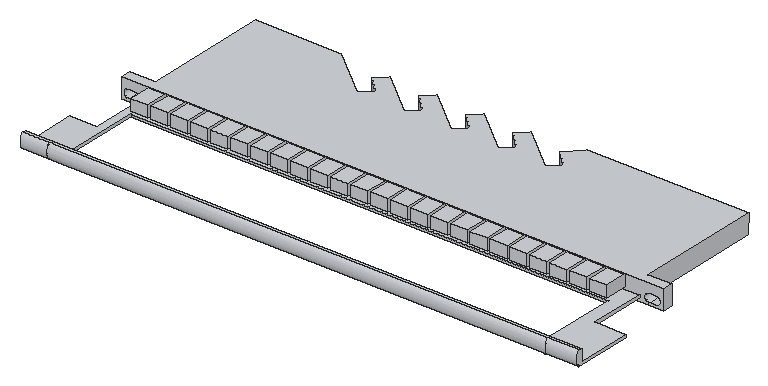
Revit family
Parameters
  Material ID = "760111013 \r\n760111013"
  Description = "3603M-48LC-LS"
Reference planes (in)
  plane 1 "Center (Front/Back)": y = 0
  plane 2: z = 0
  plane 3 "Center (Left/Right)": x = 0
Forms (in)
  Extrusion 1, solid
    sketch origin (0, 0, 0) x (1, 0, 0) y (0, 0, 1)
      loop
        line (-9.5, 0.86) -> (-9.5, 0) -> (-9.5, -0.86) -> (9.5, -0.86) -> (9.5, 0) -> (9.5, 0.86) -> (-9.5, 0.86)
    from 0 to 14.305
  Extrusion 2, void
    sketch origin (0, 0, 0) x (1, 0, 0) y (0, 0, 1)
      loop
        line (8.121, 0.86) -> (8.121, -0.86) -> (9.5, -0.86) -> (9.5, 0.86) -> (8.121, 0.86)
      loop
        line (-9.5, 0.86) -> (-9.5, -0.86) -> (-8.121, -0.86) -> (-8.121, 0.86) -> (-9.5, 0.86)
    from 0 to 13.93651
  Extrusion 3, void
    sketch origin (0, 0, 0) x (1, 0, 0) y (0, 0, 1)
      loop
        line (9.26111, 0.5628) -> (9.01111, 0.5628)
        arc (9.01111, 0.5628) -> (8.86111, 0.4128) -> (9.01111, 0.2628) r 0.15
        line (9.01111, 0.2628) -> (9.26111, 0.2628)
        arc (9.26111, 0.2628) -> (9.41111, 0.4128) -> (9.26111, 0.5628) r 0.15
      loop
        line (9.26111, 0.10167) -> (9.01111, 0.10167)
        arc (9.01111, 0.10167) -> (8.86111, -0.04833) -> (9.01111, -0.19833) r 0.15
        line (9.01111, -0.19833) -> (9.26111, -0.19833)
        arc (9.26111, -0.19833) -> (9.41111, -0.04833) -> (9.26111, 0.10167) r 0.15
      loop
        line (9.26111, -0.39833) -> (9.01111, -0.39833)
        arc (9.01111, -0.39833) -> (8.86111, -0.54833) -> (9.01111, -0.69833) r 0.15
        line (9.01111, -0.69833) -> (9.26111, -0.69833)
        arc (9.26111, -0.69833) -> (9.41111, -0.54833) -> (9.26111, -0.39833) r 0.15
      loop
        arc (-9.26111, 0.5628) -> (-9.41111, 0.4128) -> (-9.26111, 0.2628) r 0.15
        line (-9.26111, 0.2628) -> (-9.01111, 0.2628)
        arc (-9.01111, 0.2628) -> (-8.86111, 0.4128) -> (-9.01111, 0.5628) r 0.15
        line (-9.01111, 0.5628) -> (-9.26111, 0.5628)
      loop
        arc (-9.26111, 0.10167) -> (-9.41111, -0.04833) -> (-9.26111, -0.19833) r 0.15
        line (-9.26111, -0.19833) -> (-9.01111, -0.19833)
        arc (-9.01111, -0.19833) -> (-8.86111, -0.04833) -> (-9.01111, 0.10167) r 0.15
        line (-9.01111, 0.10167) -> (-9.26111, 0.10167)
      loop
        arc (-9.26111, -0.39833) -> (-9.41111, -0.54833) -> (-9.26111, -0.69833) r 0.15
        line (-9.26111, -0.69833) -> (-9.01111, -0.69833)
        arc (-9.01111, -0.69833) -> (-8.86111, -0.54833) -> (-9.01111, -0.39833) r 0.15
        line (-9.01111, -0.39833) -> (-9.26111, -0.39833)
    from 0 to 15.94904
  Extrusion 4, void
    sketch origin (0, 0, 0) x (1, 0, 0) y (0, 1, 0)
      loop
        circle (-0.49428, -8.32902) r 0.6
    from 0 to 1.66308
  Extrusion 5, solid
    sketch origin (0, 0, 0) x (1, 0, 0) y (0, 1, 0)
      loop
        line (8.66312, -13.93651) -> (8.66312, 4) -> (8.121, 4) -> (8.121, -13.93651) -> (8.66312, -13.93651)
      loop
        line (-8.116, -13.93651) -> (-8.116, 4) -> (-8.616, 4) -> (-8.616, -13.93651) -> (-8.116, -13.93651)
    from -0.86 to 0.86
  Extrusion 6, solid
    sketch origin (0, 0, 0) x (1, 0, 0) y (0, 0, 1)
      loop
        line (8.46415, 0.86) -> (-8.3892, 0.86) -> (-8.3892, -0.86) -> (8.46415, -0.86) -> (8.46415, 0.86)
    from 0 to -0.45
  Extrusion 7, solid
    sketch origin (0, -14.305, 0) x (1, 0, 0) y (0, 0, 1)
      loop
        line (-8.5516, 0.86) -> (-8.5516, 0.46) -> (-7.9516, 0.46) -> (-7.9516, 0.86) -> (-8.5516, 0.86)
    from 0 to 0.77696
  Extrusion 8, solid
    sketch origin (0.7, -14.305, 0) x (1, 0, 0) y (0, 0, 1)
      loop
        line (-8.5516, 0.86) -> (-8.5516, 0.46) -> (-7.9516, 0.46) -> (-7.9516, 0.86) -> (-8.5516, 0.86)
    from 0 to 0.77696
  Extrusion 9, solid
    sketch origin (1.4, -14.305, 0) x (1, 0, 0) y (0, 0, 1)
      loop
        line (-8.5516, 0.86) -> (-8.5516, 0.46) -> (-7.9516, 0.46) -> (-7.9516, 0.86) -> (-8.5516, 0.86)
    from 0 to 0.77696
  Extrusion 10, solid
    sketch origin (2.1, -14.305, 0) x (1, 0, 0) y (0, 0, 1)
      loop
        line (-8.5516, 0.86) -> (-8.5516, 0.46) -> (-7.9516, 0.46) -> (-7.9516, 0.86) -> (-8.5516, 0.86)
    from 0 to 0.77696
  Extrusion 11, solid
    sketch origin (2.8, -14.305, 0) x (1, 0, 0) y (0, 0, 1)
      loop
        line (-8.5516, 0.86) -> (-8.5516, 0.46) -> (-7.9516, 0.46) -> (-7.9516, 0.86) -> (-8.5516, 0.86)
    from 0 to 0.77696
  Extrusion 12, solid
    sketch origin (3.5, -14.305, 0) x (1, 0, 0) y (0, 0, 1)
      loop
        line (-8.5516, 0.86) -> (-8.5516, 0.46) -> (-7.9516, 0.46) -> (-7.9516, 0.86) -> (-8.5516, 0.86)
    from 0 to 0.77696
  Extrusion 13, solid
    sketch origin (4.2, -14.305, 0) x (1, 0, 0) y (0, 0, 1)
      loop
        line (-8.5516, 0.86) -> (-8.5516, 0.46) -> (-7.9516, 0.46) -> (-7.9516, 0.86) -> (-8.5516, 0.86)
    from 0 to 0.77696
  Extrusion 14, solid
    sketch origin (4.9, -14.305, 0) x (1, 0, 0) y (0, 0, 1)
      loop
        line (-8.5516, 0.86) -> (-8.5516, 0.46) -> (-7.9516, 0.46) -> (-7.9516, 0.86) -> (-8.5516, 0.86)
    from 0 to 0.77696
  Extrusion 15, solid
    sketch origin (5.6, -14.305, 0) x (1, 0, 0) y (0, 0, 1)
      loop
        line (-8.5516, 0.86) -> (-8.5516, 0.46) -> (-7.9516, 0.46) -> (-7.9516, 0.86) -> (-8.5516, 0.86)
    from 0 to 0.77696
  Extrusion 16, solid
    sketch origin (6.3, -14.305, 0) x (1, 0, 0) y (0, 0, 1)
      loop
        line (-8.5516, 0.86) -> (-8.5516, 0.46) -> (-7.9516, 0.46) -> (-7.9516, 0.86) -> (-8.5516, 0.86)
    from 0 to 0.77696
  Extrusion 17, solid
    sketch origin (7, -14.305, 0) x (1, 0, 0) y (0, 0, 1)
      loop
        line (-8.5516, 0.86) -> (-8.5516, 0.46) -> (-7.9516, 0.46) -> (-7.9516, 0.86) -> (-8.5516, 0.86)
    from 0 to 0.77696
  Extrusion 18, solid
    sketch origin (7.7, -14.305, 0) x (1, 0, 0) y (0, 0, 1)
      loop
        line (-8.5516, 0.86) -> (-8.5516, 0.46) -> (-7.9516, 0.46) -> (-7.9516, 0.86) -> (-8.5516, 0.86)
    from 0 to 0.77696
  Extrusion 19, solid
    sketch origin (8.4, -14.305, 0) x (1, 0, 0) y (0, 0, 1)
      loop
        line (-8.5516, 0.86) -> (-8.5516, 0.46) -> (-7.9516, 0.46) -> (-7.9516, 0.86) -> (-8.5516, 0.86)
    from 0 to 0.77696
  Extrusion 20, solid
    sketch origin (9.1, -14.305, 0) x (1, 0, 0) y (0, 0, 1)
      loop
        line (-8.5516, 0.86) -> (-8.5516, 0.46) -> (-7.9516, 0.46) -> (-7.9516, 0.86) -> (-8.5516, 0.86)
    from 0 to 0.77696
  Extrusion 21, solid
    sketch origin (9.8, -14.305, 0) x (1, 0, 0) y (0, 0, 1)
      loop
        line (-8.5516, 0.86) -> (-8.5516, 0.46) -> (-7.9516, 0.46) -> (-7.9516, 0.86) -> (-8.5516, 0.86)
    from 0 to 0.77696
  Extrusion 22, solid
    sketch origin (10.5, -14.305, 0) x (1, 0, 0) y (0, 0, 1)
      loop
        line (-8.5516, 0.86) -> (-8.5516, 0.46) -> (-7.9516, 0.46) -> (-7.9516, 0.86) -> (-8.5516, 0.86)
    from 0 to 0.77696
  Extrusion 23, solid
    sketch origin (11.2, -14.305, 0) x (1, 0, 0) y (0, 0, 1)
      loop
        line (-8.5516, 0.86) -> (-8.5516, 0.46) -> (-7.9516, 0.46) -> (-7.9516, 0.86) -> (-8.5516, 0.86)
    from 0 to 0.77696
  Extrusion 24, solid
    sketch origin (11.9, -14.305, 0) x (1, 0, 0) y (0, 0, 1)
      loop
        line (-8.5516, 0.86) -> (-8.5516, 0.46) -> (-7.9516, 0.46) -> (-7.9516, 0.86) -> (-8.5516, 0.86)
    from 0 to 0.77696
  Extrusion 25, solid
    sketch origin (12.6, -14.305, 0) x (1, 0, 0) y (0, 0, 1)
      loop
        line (-8.5516, 0.86) -> (-8.5516, 0.46) -> (-7.9516, 0.46) -> (-7.9516, 0.86) -> (-8.5516, 0.86)
    from 0 to 0.77696
  Extrusion 26, solid
    sketch origin (13.3, -14.305, 0) x (1, 0, 0) y (0, 0, 1)
      loop
        line (-8.5516, 0.86) -> (-8.5516, 0.46) -> (-7.9516, 0.46) -> (-7.9516, 0.86) -> (-8.5516, 0.86)
    from 0 to 0.77696
  Extrusion 27, solid
    sketch origin (14, -14.305, 0) x (1, 0, 0) y (0, 0, 1)
      loop
        line (-8.5516, 0.86) -> (-8.5516, 0.46) -> (-7.9516, 0.46) -> (-7.9516, 0.86) -> (-8.5516, 0.86)
    from 0 to 0.77696
  Extrusion 28, solid
    sketch origin (14.7, -14.305, 0) x (1, 0, 0) y (0, 0, 1)
      loop
        line (-8.5516, 0.86) -> (-8.5516, 0.46) -> (-7.9516, 0.46) -> (-7.9516, 0.86) -> (-8.5516, 0.86)
    from 0 to 0.77696
  Extrusion 29, solid
    sketch origin (15.4, -14.305, 0) x (1, 0, 0) y (0, 0, 1)
      loop
        line (-8.5516, 0.86) -> (-8.5516, 0.46) -> (-7.9516, 0.46) -> (-7.9516, 0.86) -> (-8.5516, 0.86)
    from 0 to 0.77696
  Extrusion 30, solid
    sketch origin (16.1, -14.305, 0) x (1, 0, 0) y (0, 0, 1)
      loop
        line (-8.5516, 0.86) -> (-8.5516, 0.46) -> (-7.9516, 0.46) -> (-7.9516, 0.86) -> (-8.5516, 0.86)
    from 0 to 0.77696
  Extrusion 31, solid, not visible
    sketch origin (0, -14.305, 0) x (1, 0, 0) y (0, 0, 1)
      loop
        line (-8.5516, 0.86) -> (-8.5516, 0.46) -> (-7.9516, 0.46) -> (-7.9516, 0.86) -> (-8.5516, 0.86)
    from 0 to 0.77696
  Extrusion 32, solid
    sketch origin (0, 0, 0) x (0, 1, 0) y (0, 0, 1)
      loop
        line (-14.30533, 0.28954) -> (-14.30533, 0.38954) -> (-18.20862, 0.38954) -> (-18.20862, 0.79912) -> (-18.30533, 0.79912)
        spline (-18.30533, 0.79912) -> (-18.3383, 0.79044) -> (-18.36902, 0.76498) -> (-18.39541, 0.72449) -> (-18.41565, 0.67172) -> (-18.42838, 0.61027) -> (-18.43272, 0.54433) -> (-18.42838, 0.47838) -> (-18.41565, 0.41693) -> (-18.39541, 0.36416) -> (-18.36902, 0.32367) -> (-18.3383, 0.29822) -> (-18.30533, 0.28954)
        line (-18.30533, 0.28954) -> (-14.30533, 0.28954)
    from -8.82211 to 8.66312
  Extrusion 33, void
    sketch origin (0, 0, 0) x (1, 0, 0) y (0, 1, 0)
      loop
        line (-8.5516, -15.08196) -> (-8.5516, -17.83196) -> (8.1984, -17.83196) -> (8.1984, -15.08196) -> (-8.5516, -15.08196)
    from -7.4352 to 12
  Extrusion 34, solid
    sketch origin (0, 0, 0) x (0, 1, 0) y (0, 0, 1)
      loop
        line (-18.20862, 0.79912) -> (-18.30533, 0.79912)
        spline (-18.30533, 0.79912) -> (-18.3383, 0.79044) -> (-18.36902, 0.76498) -> (-18.39541, 0.72449) -> (-18.41565, 0.67172) -> (-18.42838, 0.61027) -> (-18.43272, 0.54433) -> (-18.42838, 0.47838) -> (-18.41565, 0.41693) -> (-18.39541, 0.36416) -> (-18.36902, 0.32367) -> (-18.3383, 0.29822) -> (-18.30533, 0.28954)
        line (-18.30533, 0.28954) -> (-16.25697, 0.28954) -> (-16.25697, 0.38954) -> (-18.20862, 0.38954) -> (-18.20862, 0.79912)
    from -8.5516 to -9.76089
  Extrusion 35, solid
    sketch origin (0, 0, 0) x (0, 1, 0) y (0, 0, -1)
      loop
        line (-18.20862, -0.79912) -> (-18.20862, -0.38954) -> (-16.25697, -0.38954) -> (-16.25697, -0.28954) -> (-18.30533, -0.28954)
        spline (-18.30533, -0.28954) -> (-18.3383, -0.29822) -> (-18.36902, -0.32367) -> (-18.39541, -0.36416) -> (-18.41565, -0.41693) -> (-18.42838, -0.47838) -> (-18.43272, -0.54433) -> (-18.42838, -0.61027) -> (-18.41565, -0.67172) -> (-18.39541, -0.72449) -> (-18.36902, -0.76498) -> (-18.3383, -0.79044) -> (-18.30533, -0.79912)
        line (-18.30533, -0.79912) -> (-18.20862, -0.79912)
    from -8.5516 to -9.76089
  Extrusion 36, void
    sketch origin (0, 0, 0) x (1, 0, 0) y (0, 1, 0)
      loop
        line (-10.3016, 6.71819) -> (-10.3016, -9.53181) -> (-5.64517, -9.53181) -> (-3.95978, -10.94603) -> (-3.60622, -10.59247) -> (-4.13655, -10.06214) -> (-3.783, -9.70859) -> (-2.30828, -10.94603) -> (-1.95473, -10.59247) -> (-2.48506, -10.06214) -> (-2.1315, -9.70859) -> (-0.65678, -10.94603) -> (-0.30323, -10.59247) -> (-0.83356, -10.06214) -> (-0.48001, -9.70859) -> (0.99471, -10.94603) -> (1.34827, -10.59247) -> (0.81794, -10.06214) -> (1.17149, -9.70859) -> (2.64621, -10.94603) -> (2.99976, -10.59247) -> (2.46943, -10.06214) -> (2.99976, -9.53181) -> (9.634, -9.53181) -> (9.634, 6.71819) -> (-10.3016, 6.71819)
    from 3.45753 to -7.33852
  Extrusion 37, void
    sketch origin (0, 0, 0) x (1, 0, 0) y (0, 0, 1)
      loop
        line (-9.76089, 0.17356) -> (-9.76089, -0.96) -> (9.76089, -0.96) -> (9.76089, 0.17356) -> (-9.76089, 0.17356)
    from 0 to 28.30526
Cuts and joins
  Extrusion 2, Extrusion 3, Extrusion 4, Extrusion 36, Extrusion 37 cuts Extrusion 1
  Extrusion 36, Extrusion 37 cuts Extrusion 5
  Extrusion 36, Extrusion 37 cuts Extrusion 6
  joined: Extrusion 1, Extrusion 5, Extrusion 6
  Extrusion 33 cuts Extrusion 7
  Extrusion 33 cuts Extrusion 8
  Extrusion 33 cuts Extrusion 9
  Extrusion 33 cuts Extrusion 10
  Extrusion 33 cuts Extrusion 11
  Extrusion 33 cuts Extrusion 12
  Extrusion 33 cuts Extrusion 13
  Extrusion 33 cuts Extrusion 14
  Extrusion 33 cuts Extrusion 15
  Extrusion 33 cuts Extrusion 16
  Extrusion 33 cuts Extrusion 17
  Extrusion 33 cuts Extrusion 18
  Extrusion 33 cuts Extrusion 19
  Extrusion 33 cuts Extrusion 20
  Extrusion 33 cuts Extrusion 21
  Extrusion 33 cuts Extrusion 22
  Extrusion 33 cuts Extrusion 23
  Extrusion 33 cuts Extrusion 24
  Extrusion 33 cuts Extrusion 25
  Extrusion 33 cuts Extrusion 26
  Extrusion 33 cuts Extrusion 27
  Extrusion 33 cuts Extrusion 28
  Extrusion 33 cuts Extrusion 29
  Extrusion 33 cuts Extrusion 30
  Extrusion 33 cuts Extrusion 32
  joined: Extrusion 32, Extrusion 34, Extrusion 35
Dimensions and locks (in)
  equal spacing: group 1, group 2, group 3, group 4, group 5, group 6, group 7, group 8, group 9, group 10, group 11, group 12, group 13, group 14, group 15, group 16, group 17, group 18, group 19, group 20, group 21, group 22, group 23, group 24  (x3)
